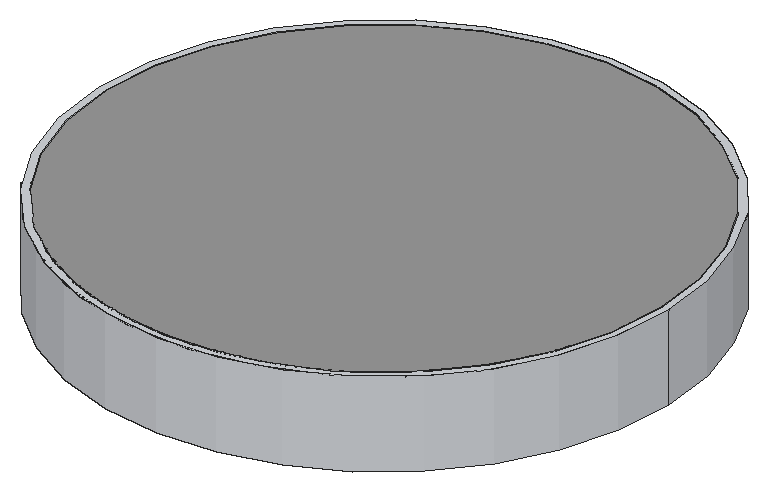
Revit family "2071143", category Lighting Fixtures, host Face, Revit 2018
Family settings
  Host = Face
  Round Connector Dimension = Use Diameter
  Part Type = Normal
  OmniClass Number = 23.80.70.00
  OmniClass Title = Lighting
  Cut with Voids When Loaded = No
  Light Source = Yes
  Shared = No
  Room Calculation Point = No
Parameters (values of type "2071143 COLOSSAL 400 840 OP DIR+H WHT DALI")
  iner diameter = 390 mm
  Weight = "n/a"
  Wattage Comments = ""
  Wattage = 30 W
  WarrantyStartDate [instance] = "n/a"
  WarrantyGuarantorParts = "n/a"
  WarrantyDurationUnit = "n/a"
  WarrantyDurationParts = ""
  WarrantyDescription = "http://www.sylvania-lighting.com"
  built-in parameter 1150110 = 1 (stored number, unit not read)
  Voltage = 230 V
  URL = "0.95"
  TypeName = "COLOSSAL 400mm 840 OPAL DIR+HAL WHITE DALI"
  Type Image = <None>
  Type Comments = "n/a"
  built-in parameter 1114217 = 1 (stored number, unit not read)
  Tilt Angle = -90.00°
  built-in parameter 1150109 = 1 (stored number, unit not read)
  built-in parameter 1150134 = (empty or 0)
  built-in parameter 1150113 = 1 (stored number, unit not read)
  SerialNumber [instance] = "n/a"
  Photometric Web File = "2071143.ies"
  Material_3_SYL = LED-Sylvania
  PowerFactor = 0
  PowerConsumption = "Lighting"
  NominalLength = 400 mm
  NominalHeight = 93 mm
  NominalDepth = 400 mm
  Name = "COLOSSAL 400mm 840 OPAL DIR+HAL WHITE DALI"
  ModelReference = Name  # "COLOSSAL 400mm 840 OPAL DIR+HAL WHITE DALI"
  ModelNumber = "2071143"
  Model = Name  # "COLOSSAL 400mm 840 OPAL DIR+HAL WHITE DALI"
  Material = "Feilo Sylvania"
  ManufacturerName = "129 lm/W"
  Manufacturer = ""
  LuminousEfficacy = ""
  built-in parameter 1150105 = 270.44 (stored number, unit not read)
  Lumens = 3398.4 lm
  LuminaireType = "0"
  built-in parameter 1150115 = 1 (stored number, unit not read)
  LightOutputRatio = "LED"
  built-in parameter 1150137 = (empty or 0)
  built-in parameter 1150139 = (empty or 0)
  LampsType = Lamp  # "n/a"
  LampNominalLuminous = "4000 K"
  LampMacAdamStep = "80"
  LampColourTemperature = "LED"
  LampColourRenderingIndex = "16500"
  built-in parameter 1150112 = 1 (stored number, unit not read)
  built-in parameter 1150114 = 1 (stored number, unit not read)
  Lamp = "n/a"
  Keynote = "n/a"
  InstallationDate [instance] = "n/a"
  InputVoltage = "0"
  InputNominalFrequency = "4000"
  built-in parameter 1150132 = (empty or 0)
  built-in parameter 1150102 = (empty or 0)
  built-in parameter 1150107 = 3000 (stored number, unit not read)
  built-in parameter 1150138 = (empty or 0)
  IngressProtection = "IfcLightFixtureType"
  ImpactProtectionIndex = "IfcLightFixtureType"
  built-in parameter 1150106 = 2.7044 (stored number, unit not read)
  IfcExportType = "IfcLightFixtureType"
  IfcExportAs = "Class I"
  Emit from Circle Diameter = 385 mm
  Emit Shape Visible in Rendering = no
  ElectricShockClassification = "129"
  built-in parameter 1150104 = 10.524 (stored number, unit not read)
  DocumentationLiterature = "http://www.sylvania-lighting.com/product/en-int/products/2071143"
  DimmingControlOptions = "n/a"
  Material_2_SYL = Polycarbonate_Sylvania_White
  Dimming Lamp Color Temperature Shift = <None>
  Description = "400mm diameter circular architectural luminaire, can be surface mounted or suspended. Powder coated aluminium housing (RAL9016) with polycarbonate opal diffuser. Direct/indirect (halo) light distribution, 2680lm luminuous flux, 20.7W system power, 129lm/W luminiaire efficacy. DALI dimmable. Colour rendering index Ra >80, 4000K Neutral White LED, chromaticity tolerance of 3-step MacAdam ellipse. IP40, IK03. 450mA drive current. Electrical protection Class1, 220-240V. Reported lifetime 66k hours L90B10."
  Default Elevation = 1219.2 mm
  CreatedOn = "22/03/2022"
  CreatedBy = "@sylvania-lighting.com"
  Cost = 0
  Color Filter = 16777215
  built-in parameter 1114216 [instance] = (empty or 0)
  ClassificationValue = "EF_70_80"
  ClassificationName = "Uniclass2015"
  Material_1_SYL = Polycarbonate_Sylvania_Opal
  BarCode [instance] = "n/a"
  built-in parameter 1114218 = 1 (stored number, unit not read)
  built-in parameter 1150133 = 10 (stored number, unit not read)
  AssetType = "Fixed"
  AssetIdentifier [instance] = "n/a"
  Assembly Code = "D5020200"
  Apparent Load = 20.7 VA
  Material_4_SYL = none
Reference planes
  plane 1 "Center (Front/Back)": y = 0
  plane 2: z = 0
  plane 3 "Center (Left/Right)": x = 0
  plane 4: x = -200
  plane 5: x = 200
  plane 6: y = 200
  plane 7: y = -200
  plane 8: y = 236
  plane 9: y = -236
  plane 10: z = 93
  plane 11: y = 195
  plane 12: y = -195
  plane 13: y = 90.5
  plane 14: y = 144.5
  plane 15: through (52.25, 90.5, 1219.2) normal (0.866, 0.5, 0)
  plane 16: through (52.25, 90.5, 1219.2) normal (0.866, 0.5, 0)
  plane 17: through (63.706, 126.657, 1219.2) normal (0.866, 0.5, 0)
  plane 18: through (-104.5, 0, 1219.2) normal (-0.866, 0.5, 0)
  plane 19: through (-142.394, -9.633, 1219.2) normal (-0.866, 0.5, 0)
  plane 20: y = -90.5
  plane 21: y = -118.5
  plane 22: through (85.371, -141.133, 1219.2) normal (-0.866, 0.5, 0)
  plane 23: through (52.25, -90.5, 1219.2) normal (-0.866, 0.5, 0)
  plane 24: through (-161.658, 0, 1219.2) normal (0.866, 0.5, 0)
  plane 25: through (-172.12, 9.121, 1219.2) normal (0.866, 0.5, 0)
  plane 26: through (-104.5, 0, 1219.2) normal (0.866, 0.5, 0)
Forms (mm)
  Extrusion 1, solid, detail levels medium+fine
    sketch origin (0, 0, 0) x (1, 0, 0) y (0, 1, 0)
      loop
        circle (0, 0) r 200
    from 33.023 to 93
  Extrusion 2, void
    sketch origin (0, 0, 0) x (1, 0, 0) y (0, 1, 0)
      loop
        circle (0, 0) r 195
    from 93 to 37.292
  Extrusion 3, solid, material "Glass, White, High Luminance", detail levels fine
    sketch origin (0, 0, 0) x (1, 0, 0) y (0, 1, 0)
      loop
        circle (0, 0) r 195
    from 88.026 to 93
  Extrusion 4, solid, detail levels coarse
    sketch origin (0, 0, 0) x (1, 0, 0) y (0, 1, 0)
      loop
        line (-200, 200) -> (-200, -200) -> (200, -200) -> (200, 200) -> (-200, 200)
    from 0 to 93
  Blend 5, solid, detail levels medium+fine
    base sketch origin (0, 0, 0) x (1, 0, 0) y (0, 1, 0)
      loop
        line (-52.25, 90.5) -> (-104.5, 0) -> (-52.25, -90.5) -> (52.25, -90.5) -> (104.5, 0) -> (52.25, 90.5) -> (-52.25, 90.5)
    top sketch origin (0, 0, 0) x (1, 0, 0) y (0, 1, 0)
      loop
        line (-53.405, 144.5) -> (-149.245, -21.5) -> (-93.242, -118.5) -> (98.438, -118.5) -> (151.843, -26) -> (53.405, 144.5) -> (-53.405, 144.5)
    from 0 to 33.023
Cuts and joins
  Extrusion 2 cuts Extrusion 1
Dimensions and locks
  "NominalDepth": plane 6 to plane 7
  "NominalLength": plane 4 to plane 5
  equal spacing: plane 4, plane 3 "Center (Left/Right)", plane 5
  "iner diameter": plane 11 to plane 12
  equal spacing: plane 11, plane 1 "Center (Front/Back)", plane 12
  equal spacing: plane 6, plane 1 "Center (Front/Back)", plane 7
  "NominalHeight": plane 10 to level
  plane 19 to plane 18 = 28 mm
  radius of Extrusion 2 sketch curve = 195 mm
  aligned and locked: plane 2 to host face
  aligned and locked: level to host face
Automatic sketch dimensions
  host sketch curve to host sketch curve = 2438.4 mm  (x2)
  plane 1 "Center (Front/Back)" to Extrusion 1 sketch curve = 0 mm
  Extrusion 1 sketch curve to plane 3 "Center (Left/Right)" = 0 mm
  plane 1 "Center (Front/Back)" to Extrusion 2 sketch curve = 0 mm
  Extrusion 2 sketch curve to plane 3 "Center (Left/Right)" = 0 mm
  plane 1 "Center (Front/Back)" to Extrusion 3 sketch curve = 0 mm
  Extrusion 3 sketch curve to plane 3 "Center (Left/Right)" = 0 mm
  Extrusion 4 sketch curve to plane 4 = 0 mm
  Extrusion 4 sketch curve to plane 5 = 0 mm
  Extrusion 4 sketch curve to plane 7 = 0 mm
  Extrusion 4 sketch curve to plane 6 = 0 mm
  Blend 5 sketch curve to plane 19 = 0 mm  (x2)
  Blend 5 sketch curve to plane 24 = 0 mm  (x2)
  Blend 5 sketch curve to plane 21 = 0 mm
  Blend 5 sketch curve to plane 14 = 0 mm
  Blend 5 sketch curve to plane 17 = 0 mm  (x2)
  Blend 5 sketch curve to plane 22 = 0 mm  (x2)
  radius of Extrusion 1 sketch curve = 200 mm
  radius of Extrusion 3 sketch curve = 195 mm
Connectors
  electrical at (0, 0, 0), driven by "Apparent Load", driven by "PowerFactor", driven by "Voltage"
    settings: index 1, voltage 230 V, apparent load 20.7 VA, apparent load phase1 0 VA, apparent load phase2 0 VA, apparent load phase3 0 VA, power factor 0, load classification "Lighting", number of poles 1, system type 30, power factor state 1, is connector primary yes, connector utility no, sub classification motor no, connector description ""
